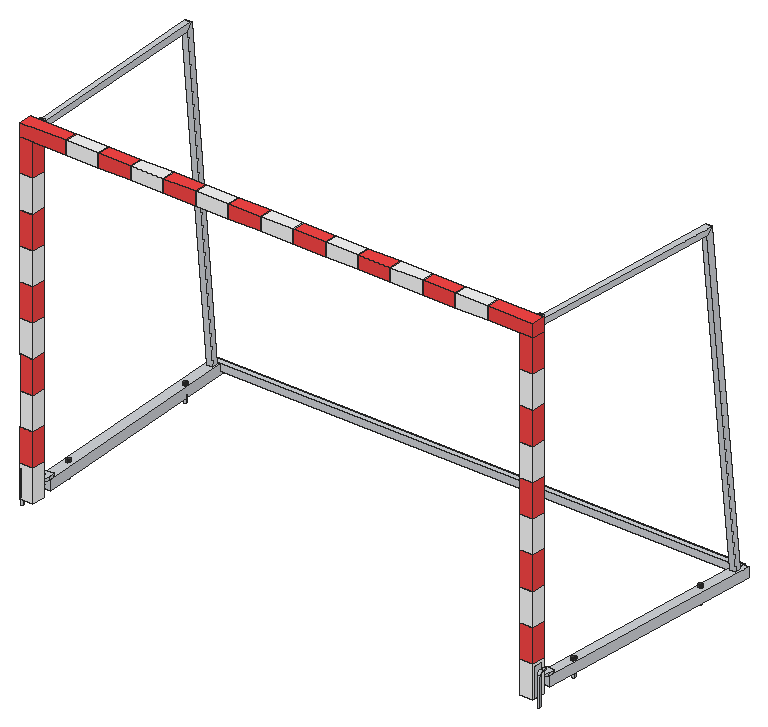
Revit family "Handbollsmål 1500", category Generic Models, Revit 2019
Family settings
  Can host rebar = No
  Round Connector Dimension = Use Diameter
  Part Type = Normal
  Work Plane-Based = No
  Always vertical = Yes
  Cut with Voids When Loaded = No
  Shared = No
  Room Calculation Point = No
Parameters
  URL = "www.saxi.se"
  Model = "Saxi Fristående handbollsmål 1500"
  Manufacturer = "Saxi Vägg AB"
Reference planes
  plane 1 "Center (Front/Back)": y = 0
  plane 2: z = 0
  plane 3 "Center (Left/Right)": x = 0
Dimensions and locks
  nested 1 to plane 3 "Center (Left/Right)" = 1580 mm
  plane 3 "Center (Left/Right)" to nested 1 = 1580 mm
  locked: nested 1 to nested 2 at 26
  nested 1 to nested 2 = 40 mm
  nested 2 to level = 8.5 mm
  nested 1 to nested 6 = 30 mm
  nested 8 to level = 33.5 mm
  nested 8 to plane 3 "Center (Left/Right)" = 1620 mm
  plane 3 "Center (Left/Right)" to nested 8 = 1620 mm
  level to nested 11 = 28 mm
  nested 11 to nested 10 = 310 mm
  nested 11 to nested 10 = 34.5 mm
  nested 11 to nested 12 = 939 mm
  nested 11 to nested 12 = 29.5 mm
  aligned and locked: level to plane 2
Nested families
  nested 1: "Handbollsmål fram" at (0, 80, 0), type "Handbollsmål fram"
  nested 2: "under1500" at (-1509.858, 144.306, 8.5) x (-0.9986, -0.0523, 0) z (0, 0, 1), type "under1500"
  nested 3: "under1500" at (1509.858, 144.306, 8.5) x (0.9986, -0.0523, 0) z (0, 0, 1), type "under1500"
  nested 4: "sidan_vertikal" at (1631.258, 1532.254, 68.5) x (-0.9986, 0.0523, 0) z (0, 0, 1), type "sidan_vertikal"
  nested 5: "sidan_vertikal" at (-1631.258, 1532.254, 68.5) x (0.9986, 0.0523, 0) z (0, 0, 1), type "sidan_vertikal"
  nested 6: "sidan_horisontal" at (1556.984, 94.637, 2015) x (-0.9986, 0.0523, 0) z (0, 0, 1), type "sidan_horisontal"
  nested 7: "sidan_horisontal" at (-1556.984, 94.637, 2015) x (0.9986, 0.0523, 0) z (0, 0, 1), type "sidan_horisontal"
  nested 8: "sidan_bak" at (-1620, 1580, 73.5), type "sidan_bak"
  nested 9: "golvhake" at (-1592.186, 32, 146.213) x (0, 1, 0) z (0, 0, 1), type "golvhake"
  nested 10: "golvhake" at (1592.186, 32, 146.213) x (0, 1, 0) z (0, 0, 1), type "golvhake"
  nested 11: "vred_golv" at (1557.686, 342, 68), type "vred_golv"
  nested 12: "vred_golv" at (1587.186, 1281, 68), type "vred_golv"
  nested 13: "vred_golv" at (-1557.686, 342, 68) x (-1, 0, 0) z (0, 0, 1), type "vred_golv"
  nested 14: "vred_golv" at (-1587.186, 1281, 68) x (-1, 0, 0) z (0, 0, 1), type "vred_golv"
  nested 15: "inf_pigg" at (1508.375, 118, 61.25) x (0, 1, 0) z (0, 0, 1), type "inf_pigg"
  nested 16: "inf_pigg" at (1508.375, 118, 2018.635) x (0, 1, 0) z (0, 0, 1), type "inf_pigg"
  nested 17: "inf_pigg" at (-1508.375, 118, 2018.635) x (0, 1, 0) z (0, 0, 1), type "inf_pigg"
  nested 18: "inf_pigg" at (-1571, 118, 61.25) x (0, 1, 0) z (0, 0, 1), type "inf_pigg"
Definition of nested family "Handbollsmål fram"
  Reference planes
    plane 1 "Center (Front/Back)": y = 0
    plane 2: z = 0
    plane 3 "Center (Left/Right)": x = 0
  Forms (mm)
    Extrusion 1, solid
      sketch origin (0, 0, 0) x (1, 0, 0) y (0, 0, 1)
        loop
          line (-1580, 0) -> (-1500, 0) -> (-1500, 200) -> (-1580, 200) -> (-1580, 0)
      from 0 to 80
    Extrusion 2, solid
      sketch origin (0, 0, 400) x (1, 0, 0) y (0, 0, 1)
        loop
          line (-1580, 0) -> (-1500, 0) -> (-1500, 200) -> (-1580, 200) -> (-1580, 0)
      from 0 to 80
    Extrusion 3, solid
      sketch origin (0, 0, 800) x (1, 0, 0) y (0, 0, 1)
        loop
          line (-1580, 0) -> (-1500, 0) -> (-1500, 200) -> (-1580, 200) -> (-1580, 0)
      from 0 to 80
    Extrusion 4, solid
      sketch origin (0, 0, 1200) x (1, 0, 0) y (0, 0, 1)
        loop
          line (-1580, 0) -> (-1500, 0) -> (-1500, 200) -> (-1580, 200) -> (-1580, 0)
      from 0 to 80
    Extrusion 5, solid
      sketch origin (0, 0, 1600) x (1, 0, 0) y (0, 0, 1)
        loop
          line (-1580, 0) -> (-1500, 0) -> (-1500, 200) -> (-1580, 200) -> (-1580, 0)
      from 0 to 80
    Extrusion 6, solid
      sketch origin (0, 0, 0) x (1, 0, 0) y (0, 0, 1)
        loop
          line (-1580, 200) -> (-1500, 200) -> (-1500, 400) -> (-1580, 400) -> (-1580, 200)
      from 0 to 80
    Extrusion 7, solid
      sketch origin (0, 0, 400) x (1, 0, 0) y (0, 0, 1)
        loop
          line (-1580, 200) -> (-1500, 200) -> (-1500, 400) -> (-1580, 400) -> (-1580, 200)
      from 0 to 80
    Extrusion 8, solid
      sketch origin (0, 0, 800) x (1, 0, 0) y (0, 0, 1)
        loop
          line (-1580, 200) -> (-1500, 200) -> (-1500, 400) -> (-1580, 400) -> (-1580, 200)
      from 0 to 80
    Extrusion 9, solid
      sketch origin (0, 0, 1200) x (1, 0, 0) y (0, 0, 1)
        loop
          line (-1580, 200) -> (-1500, 200) -> (-1500, 400) -> (-1580, 400) -> (-1580, 200)
      from 0 to 80
    Extrusion 10, solid
      sketch origin (0, 0, 1600) x (1, 0, 0) y (0, 0, 1)
        loop
          line (-1580, 200) -> (-1500, 200) -> (-1500, 400) -> (-1580, 400) -> (-1580, 200)
      from 0 to 80
    Extrusion 11, solid
      sketch origin (0, 0, 0) x (1, 0, 0) y (0, 0, 1)
        loop
          line (100, 2080) -> (-100, 2080) -> (-100, 2000) -> (100, 2000) -> (100, 2080)
      from 0 to 80
    Extrusion 12, solid
      sketch origin (-400, 0, 0) x (1, 0, 0) y (0, 0, 1)
        loop
          line (100, 2080) -> (-100, 2080) -> (-100, 2000) -> (100, 2000) -> (100, 2080)
      from 0 to 80
    Extrusion 13, solid
      sketch origin (-800, 0, 0) x (1, 0, 0) y (0, 0, 1)
        loop
          line (100, 2080) -> (-100, 2080) -> (-100, 2000) -> (100, 2000) -> (100, 2080)
      from 0 to 80
    Extrusion 14, solid
      sketch origin (-1200, 0, 0) x (1, 0, 0) y (0, 0, 1)
        loop
          line (100, 2080) -> (-100, 2080) -> (-100, 2000) -> (100, 2000) -> (100, 2080)
      from 0 to 80
    Extrusion 15, solid
      sketch origin (400, 0, 0) x (-1, 0, 0) y (0, 0, -1)
        loop
          line (100, -2080) -> (100, -2000) -> (-100, -2000) -> (-100, -2080) -> (100, -2080)
      from 0 to 80
    Extrusion 16, solid
      sketch origin (800, 0, 0) x (-1, 0, 0) y (0, 0, 1)
        loop
          line (100, 2080) -> (-100, 2080) -> (-100, 2000) -> (100, 2000) -> (100, 2080)
      from -80 to 0
    Extrusion 17, solid
      sketch origin (1200, 0, 0) x (-1, 0, 0) y (0, 0, 1)
        loop
          line (100, 2080) -> (-100, 2080) -> (-100, 2000) -> (100, 2000) -> (100, 2080)
      from -80 to 0
    Extrusion 18, solid
      sketch origin (0, 0, 0) x (-1, 0, 0) y (0, 0, 1)
        loop
          line (-1580, 0) -> (-1500, 0) -> (-1500, 200) -> (-1580, 200) -> (-1580, 0)
      from -80 to 0
    Extrusion 19, solid
      sketch origin (0, 0, 400) x (-1, 0, 0) y (0, 0, 1)
        loop
          line (-1580, 0) -> (-1500, 0) -> (-1500, 200) -> (-1580, 200) -> (-1580, 0)
      from -80 to 0
    Extrusion 20, solid
      sketch origin (0, 0, 800) x (-1, 0, 0) y (0, 0, 1)
        loop
          line (-1580, 0) -> (-1500, 0) -> (-1500, 200) -> (-1580, 200) -> (-1580, 0)
      from -80 to 0
    Extrusion 21, solid
      sketch origin (0, 0, 1200) x (-1, 0, 0) y (0, 0, 1)
        loop
          line (-1580, 0) -> (-1500, 0) -> (-1500, 200) -> (-1580, 200) -> (-1580, 0)
      from -80 to 0
    Extrusion 22, solid
      sketch origin (0, 0, 1600) x (-1, 0, 0) y (0, 0, -1)
        loop
          line (-1580, 0) -> (-1580, -200) -> (-1500, -200) -> (-1500, 0) -> (-1580, 0)
      from 0 to 80
    Extrusion 23, solid
      sketch origin (0, 0, 0) x (-1, 0, 0) y (0, 0, 1)
        loop
          line (-1580, 200) -> (-1500, 200) -> (-1500, 400) -> (-1580, 400) -> (-1580, 200)
      from -80 to 0
    Extrusion 24, solid
      sketch origin (0, 0, 400) x (-1, 0, 0) y (0, 0, 1)
        loop
          line (-1580, 200) -> (-1500, 200) -> (-1500, 400) -> (-1580, 400) -> (-1580, 200)
      from -80 to 0
    Extrusion 25, solid
      sketch origin (0, 0, 800) x (-1, 0, 0) y (0, 0, 1)
        loop
          line (-1580, 200) -> (-1500, 200) -> (-1500, 400) -> (-1580, 400) -> (-1580, 200)
      from -80 to 0
    Extrusion 26, solid
      sketch origin (0, 0, 1200) x (-1, 0, 0) y (0, 0, 1)
        loop
          line (-1580, 200) -> (-1500, 200) -> (-1500, 400) -> (-1580, 400) -> (-1580, 200)
      from -80 to 0
    Extrusion 27, solid
      sketch origin (0, 0, 1600) x (-1, 0, 0) y (0, 0, -1)
        loop
          line (-1580, -200) -> (-1580, -400) -> (-1500, -400) -> (-1500, -200) -> (-1580, -200)
      from 0 to 80
    Extrusion 28, solid
      sketch origin (0, 0, 0) x (1, 0, 0) y (0, 0, 1)
        loop
          line (-100, 2080) -> (-300, 2080) -> (-300, 2000) -> (-100, 2000) -> (-100, 2080)
      from 0 to 80
    Extrusion 29, solid
      sketch origin (-400, 0, 0) x (1, 0, 0) y (0, 0, 1)
        loop
          line (-100, 2080) -> (-300, 2080) -> (-300, 2000) -> (-100, 2000) -> (-100, 2080)
      from 0 to 80
    Extrusion 30, solid
      sketch origin (-800, 0, 0) x (1, 0, 0) y (0, 0, 1)
        loop
          line (-100, 2080) -> (-300, 2080) -> (-300, 2000) -> (-100, 2000) -> (-100, 2080)
      from 0 to 80
    Extrusion 31, solid
      sketch origin (-1200, 0, 0) x (1, 0, 0) y (0, 0, 1)
        loop
          line (-100, 2080) -> (-380, 2080) -> (-380, 2000) -> (-100, 2000) -> (-100, 2080)
      from 0 to 80
    Extrusion 32, solid
      sketch origin (0, 0, 0) x (-1, 0, 0) y (0, 0, 1)
        loop
          line (-100, 2080) -> (-300, 2080) -> (-300, 2000) -> (-100, 2000) -> (-100, 2080)
      from -80 to 0
    Extrusion 33, solid
      sketch origin (400, 0, 0) x (-1, 0, 0) y (0, 0, 1)
        loop
          line (-100, 2080) -> (-300, 2080) -> (-300, 2000) -> (-100, 2000) -> (-100, 2080)
      from -80 to 0
    Extrusion 34, solid
      sketch origin (800, 0, 0) x (-1, 0, 0) y (0, 0, 1)
        loop
          line (-100, 2080) -> (-300, 2080) -> (-300, 2000) -> (-100, 2000) -> (-100, 2080)
      from -80 to 0
    Extrusion 35, solid
      sketch origin (1200, 0, 0) x (-1, 0, 0) y (0, 0, -1)
        loop
          line (-100, -2080) -> (-100, -2000) -> (-380, -2000) -> (-380, -2080) -> (-100, -2080)
      from 0 to 80
  Dimensions and locks
    locked: Extrusion 11 sketch curve to Extrusion 11 sketch curve at 200
    plane 3 "Center (Left/Right)" to Extrusion 11 sketch curve = 100 mm
    Extrusion 11 sketch curve to level = 2080 mm
    locked: Extrusion 11 sketch curve to Extrusion 11 sketch curve at 80
    locked: Extrusion 12 sketch curve to Extrusion 12 sketch curve at 200
    locked: Extrusion 12 sketch curve to Extrusion 12 sketch curve at 80
    locked: Extrusion 13 sketch curve to Extrusion 13 sketch curve at 200
    locked: Extrusion 13 sketch curve to Extrusion 13 sketch curve at 80
    locked: Extrusion 14 sketch curve to Extrusion 14 sketch curve at 200
    locked: Extrusion 14 sketch curve to Extrusion 14 sketch curve at 80
    locked: Extrusion 15 sketch curve to Extrusion 15 sketch curve at 200
    locked: Extrusion 15 sketch curve to Extrusion 15 sketch curve at 80
    locked: Extrusion 16 sketch curve to Extrusion 16 sketch curve at 200
    locked: Extrusion 16 sketch curve to Extrusion 16 sketch curve at 80
    locked: Extrusion 17 sketch curve to Extrusion 17 sketch curve at 200
    locked: Extrusion 17 sketch curve to Extrusion 17 sketch curve at 80
    aligned and locked: level to plane 2
Definition of nested family "under1500"
  Reference planes
    plane 1 "Center (Front/Back)": y = 0
    plane 2: z = 0
    plane 3 "Center (Left/Right)": x = 0
  Forms (mm)
    Extrusion 1, solid
      sketch origin (0, 0, 0) x (0, 1, 0) y (0, 0, 1)
        loop
          line (0, 0) -> (0, 60) -> (-1438, 60) -> (-1438, 0) -> (0, 0)
      from 0 to 60
    Extrusion 2, solid
      sketch origin (0, -1580, 60) x (0, 1, 0) y (-1, 0, 0)
        loop
          line (1580, -5) -> (1546.884, -5)
          arc (1546.884, -5) -> (1542.016, -7.016) -> (1540, -11.884) r 6.884
          line (1540, -11.884) -> (1540, -48.161)
          arc (1540, -48.161) -> (1542.003, -52.997) -> (1546.839, -55) r 6.839
          line (1546.839, -55) -> (1580, -55) -> (1621.622, -48.157)
          arc (1621.622, -48.157) -> (1627.623, -44.761) -> (1630, -38.289) r 10
          line (1630, -38.289) -> (1630, -24.697)
          arc (1630, -24.697) -> (1627.84, -18.49) -> (1622.293, -14.964) r 10
          line (1622.293, -14.964) -> (1580, -5)
        loop
          circle (1617, -32.414) r 6.5
      from 0 to 15
    Extrusion 3, solid
      sketch origin (0, -1580, 60) x (0, 1, 0) y (-1, 0, 0)
        loop
          circle (1616.92, -32.433) r 6
      from -14.425 to 30.89
  Dimensions and locks
    Extrusion 2 sketch curve to Extrusion 1 = 37 mm
    Extrusion 2 sketch curve to Extrusion 2 sketch curve = 13 mm
    aligned and locked: level to plane 2
Definition of nested family "sidan_vertikal"
  Reference planes
    plane 1 "Center (Front/Back)": y = 0
    plane 2: z = 0
    plane 3 "Center (Left/Right)": x = 0
  Forms (mm)
    Extrusion 1, solid
      sketch origin (0, 0, 0) x (0, 1, 0) y (0, 0, 1)
        loop
          line (0, 0) -> (35.193, 0) -> (240.066, 1949.242) -> (208.221, 1981.088) -> (0, 0)
      from 0 to 35
  Dimensions and locks
    locked: Extrusion 1 sketch curve to Extrusion 1 sketch curve at 1992
    Extrusion 1 sketch curve to Extrusion 1 sketch curve = 1959.979 mm
    locked: plane 1 "Center (Front/Back)" to Extrusion 1 sketch curve (angle 6.00°)
    aligned and locked: level to plane 2
Definition of nested family "sidan_horisontal"
  Reference planes
    plane 1 "Center (Front/Back)": y = 0
    plane 2: z = 0
    plane 3 "Center (Left/Right)": x = 0
  Forms (mm)
    Extrusion 1, solid
      sketch origin (0, 0, 0) x (0, 1, 0) y (0, 0, 1)
        loop
          line (0, 0) -> (0, 35) -> (-1229, 35) -> (-1194, 0) -> (0, 0)
      from 0 to 35
    Extrusion 2, solid
      sketch origin (0, 0, 0) x (1, 0, 0) y (0, 1, 0)
        loop
          circle (17.5, -12) r 6
      from -15.757 to 51.251
  Dimensions and locks
    Extrusion 1 to Extrusion 2 sketch curve = 12 mm
    Extrusion 2 sketch curve to Extrusion 1 = 17.5 mm
    Extrusion 1 sketch curve to Extrusion 1 sketch curve = 35 mm
    plane 1 "Center (Front/Back)" to Extrusion 1 sketch curve = 1229 mm
    aligned and locked: level to plane 2
Definition of nested family "sidan_bak"
  Reference planes
    plane 1 "Center (Front/Back)": y = 0
    plane 2: z = 0
    plane 3 "Center (Left/Right)": x = 0
  Forms (mm)
    Extrusion 1, solid
      sketch origin (0, 0, 0) x (0, 1, 0) y (0, 0, 1)
        loop
          line (0, 0) -> (-40, 0) -> (-40, -40) -> (0, -40) -> (0, 0)
        loop
          line (-2, -38) -> (-2, -2) -> (-38, -2) -> (-38, -38) -> (-2, -38)
      from 0 to 3240
    Extrusion 2, void
      sketch origin (0, 0, 0) x (1, 0, 0) y (0, 0, 1)
        loop
          line (-43.114, -111.888) -> (40, -111.888) -> (40, -4) -> (-43.114, -4) -> (-43.114, -111.888)
        loop
          line (3260.91, -4) -> (3200, -4) -> (3200, -85.722) -> (3260.91, -85.722) -> (3260.91, -4)
      from -100 to 100
  Cuts and joins
    Extrusion 2 cuts Extrusion 1
  Dimensions and locks
    Extrusion 1 to Extrusion 2 sketch curve = 40 mm  (x2)
    Extrusion 2 sketch curve to Extrusion 1 = 36 mm  (x2)
    aligned and locked: level to plane 2
Definition of nested family "golvhake"
  Reference planes
    plane 1 "Center (Front/Back)": y = 0
    plane 2: z = 0
    plane 3 "Center (Left/Right)": x = 0
  Forms (mm)
    Sweep 1, solid
      path origin (0, 0, 0) x (1, 0, 0) y (0, 0, 1)
        loop
          line (0, -193) -> (0, -13)
          arc (0, -13) -> (3.808, -3.808) -> (13, 0) r 13
          line (13, 0) -> (42, 0)
      profile origin (27.5, 0, 0) x (0, 0, 1) y (0, -1, 0)
        loop
          circle (0, 0) r 6.5
    Extrusion 2, solid
      sketch origin (0, 2.5, 0) x (1, 0, 0) y (0, 1, 0)
        loop
          line (-25, 6.686) -> (25, 6.686) -> (25, 9.686) -> (-25, 9.686) -> (-25, 6.686)
      from -141.213 to 38.787
    Extrusion 3, void
      sketch origin (-7.862, 9.186, 0) x (-1, 0, 0) y (0, 0, 1)
        loop
          circle (10.535, 30.714) r 3.578
        loop
          circle (-26.213, 30.714) r 3.578
        loop
          circle (10.535, -134.286) r 3.578
        loop
          circle (-26.213, -134.286) r 3.578
      from 0 to 180
  Cuts and joins
    Extrusion 3 cuts Extrusion 2
  Dimensions and locks
    locked: Extrusion 2 sketch curve to Extrusion 2 sketch curve at 50
    locked: Extrusion 2 sketch curve to Extrusion 2 sketch curve at 3
    Extrusion 2 sketch curve to plane 3 "Center (Left/Right)" = 25 mm
    locked: Extrusion 2 to Sweep 1 at 51.787
    Extrusion 2 to Extrusion 2 = 180 mm
    aligned and locked: level to plane 2
Definition of nested family "vred_golv"
  Reference planes
    plane 1 "Center (Front/Back)": y = 0
    plane 2: z = 0
    plane 3 "Center (Left/Right)": x = 0
  Forms (mm)
    Extrusion 1, solid
      sketch origin (0, 0, 0) x (1, 0, 0) y (0, 1, 0)
        loop
          circle (0, 0) r 8
      from -96 to 0
    Extrusion 2, solid
      sketch origin (0, 0, 0) x (1, 0, 0) y (0, 1, 0)
        loop
          circle (0, 0) r 11
      from 0 to 20
    Extrusion 3, solid
      sketch origin (0, 0, 0) x (1, 0, 0) y (0, 1, 0)
        loop
          line (9.526, 5.5) -> (9.526, -5.5) -> (13.489, -1.957)
          arc (13.489, -1.957) -> (14.365, 0) -> (13.489, 1.957) r 2.625
          line (13.489, 1.957) -> (9.526, 5.5)
      from 0 to 20
    Extrusion 4, solid
      sketch origin (0, 0, 0) x (0.5, 0.866025, 0) y (-0.866025, 0.5, 0)
        loop
          line (9.526, 5.5) -> (9.526, -5.5) -> (13.489, -1.957)
          arc (13.489, -1.957) -> (14.365, 0) -> (13.489, 1.957) r 2.625
          line (13.489, 1.957) -> (9.526, 5.5)
      from 0 to 20
    Extrusion 5, solid
      sketch origin (0, 0, 0) x (-0.5, 0.866025, 0) y (-0.866025, -0.5, 0)
        loop
          line (9.526, 5.5) -> (9.526, -5.5) -> (13.489, -1.957)
          arc (13.489, -1.957) -> (14.365, 0) -> (13.489, 1.957) r 2.625
          line (13.489, 1.957) -> (9.526, 5.5)
      from 0 to 20
    Extrusion 6, solid
      sketch origin (0, 0, 0) x (-1, 0, 0) y (0, -1, 0)
        loop
          line (9.526, 5.5) -> (9.526, -5.5) -> (13.489, -1.957)
          arc (13.489, -1.957) -> (14.365, 0) -> (13.489, 1.957) r 2.625
          line (13.489, 1.957) -> (9.526, 5.5)
      from 0 to 20
    Extrusion 7, solid
      sketch origin (0, 0, 0) x (-0.5, -0.866025, 0) y (0.866025, -0.5, 0)
        loop
          line (9.526, 5.5) -> (9.526, -5.5) -> (13.489, -1.957)
          arc (13.489, -1.957) -> (14.365, 0) -> (13.489, 1.957) r 2.625
          line (13.489, 1.957) -> (9.526, 5.5)
      from 0 to 20
    Extrusion 8, solid
      sketch origin (0, 0, 0) x (0.5, -0.866025, 0) y (0.866025, 0.5, 0)
        loop
          line (9.526, 5.5) -> (9.526, -5.5) -> (13.489, -1.957)
          arc (13.489, -1.957) -> (14.365, 0) -> (13.489, 1.957) r 2.625
          line (13.489, 1.957) -> (9.526, 5.5)
      from 0 to 20
    Revolve 9, void
      sketch origin (0, 0, 0) x (0, 1, 0) y (0, 0, 1)
        loop
          line (-8.557, -1.09) -> (-16.951, -1.09) -> (-16.951, 11.126)
          arc (-16.951, 11.126) -> (-8.575, 13.184) -> (0, 14.115) r 65.009
          line (0, 14.115) -> (0, 23.146) -> (-26.943, 24.087) -> (-31.548, -8.676) -> (-8.557, -8.676) -> (-8.557, -1.09)
        axis (0, 24.087) -> (0, -8.676)
      angle from 0 to 360
  Cuts and joins
    Revolve 9 cuts Extrusion 2
    Revolve 9 cuts Extrusion 3
    Revolve 9 cuts Extrusion 4
    Revolve 9 cuts Extrusion 5
    Revolve 9 cuts Extrusion 6
    Revolve 9 cuts Extrusion 7
    Revolve 9 cuts Extrusion 8
    joined: Extrusion 2, Extrusion 3, Extrusion 4, Extrusion 5, Extrusion 6, Extrusion 7, Extrusion 8
  Dimensions and locks
    aligned and locked: level to plane 2
Definition of nested family "inf_pigg"
  Reference planes
    plane 1 "Center (Front/Back)": y = 0
    plane 2: z = 0
    plane 3 "Center (Left/Right)": x = 0
  Forms (mm)
    Extrusion 1, solid
      sketch origin (0, -46.5, -16.5) x (1, 0, 0) y (0, 0, -1)
        loop
          line (0, 0) -> (-38, 0) -> (-38, -63) -> (0, -63) -> (0, -59) -> (-35, -59) -> (-35, -4) -> (0, -4) -> (0, 0)
      from 0 to 30
  Dimensions and locks
    aligned and locked: level to plane 2
